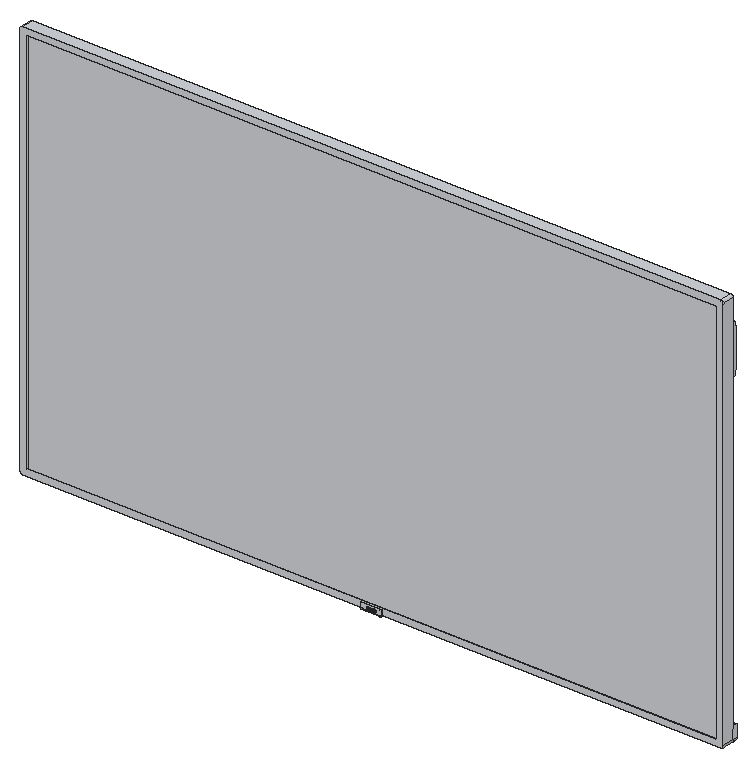
Revit family "C751Q (FINAL)", category Generic Models, Revit 2012
Parameters
  URL = "www.necdisplay.com"
  SENSORS- Temperature Sensor = "Integrated and programmable; linked to cooling fans"
  SENSORS- NFC Sensor = "Integrated; works in conjunction with free NEC Intelligent Wireless Data Application"
  SENSORS- Human Sensor = "Optional through KT-RC2 Accessory"
  SENSORS- Ambient Light Sensor = "Integrated and programmable"
  POWER CONSUMPTION- Speaker Rating = "Integrated 10W x 10W, Optional 15W x 2"
  POWER CONSUMPTION- On (Typ/Max Bightness/Overall Max) = "195W / 250W / 375W"
  POWER CONSUMPTION- Normal Standby = "0.5W"
  POWER CONSUMPTION- Network Standby = "2W"
  POWER CONSUMPTION- Current Rating = "4.4A @ 100V, 1.9A @ 240V"
  PHYSICAL SPECS- Vesa Hole Configuration = "8x M8 x 16mm (600 x 400, 400 x 400)"
  PHYSICAL SPECS- Net Weight (w/o Stand) = "115.7 lbs / 52.6 kg"
  PHYSICAL SPECS- Net Dimensions (w/o Stand, WxHxD) = "66.2 x 37.8 x 2.8 in. (1681.2 x 959.6 x 71.1 mm)"
  PHYSICAL SPECS- Bezel Width (L/R, T/B) = "1480.0mm / 1480.0mm/ 1480.0mm/ 1480.0mm"
  Model = "C751Q"  # constant formula
  Manufacturer = "NEC Display Solutions"  # constant formula
  LCD MODULE- Contrast Ratio (Typical) = "1200:1 native, not included localized dimming"
  LCD MODULE- Viewing Angle = "178deg Vert., 178deg Hor (89U/89D/89L/89R) @ CR>10"
  LCD MODULE- Viewable Image Size = "75\""
  LCD MODULE- Panel Technology = "E-LED, S-IPS"
  LCD MODULE- Orientation = "Landscape and Portrait"
  LCD MODULE- Panel Haze (%) = "28"
  LCD MODULE- Native Resolution = "3840 x 2160"
  LCD MODULE- Displayable Colors = "Over 1.07 Billion"
  LCD MODULE- Brightness (Typical/Minimum) = "245 cd/sqm / 350 cd/sqm"
  LCD MODULE- Aspect Ratio = "16 : 9"
  ENVIRONMENTAL CONDITIONS- Operating Temperature = "0 to 40 C"
  ENVIRONMENTAL CONDITIONS- Operating Humidity = "20 - 80%"
  ENVIRONMENTAL CONDITIONS- Operating Altitude = "3000m (9843ft)"
  Description = "NEC Ultra High Definition Large Format Display"  # constant formula
  CONNECTIVITY- Output Terminals- External Control = "LAN (100mb)"
  CONNECTIVITY- Output Terminals- Digital = "HDMI 2.0x3 (with HDCP), DisplayPort 1.2x2 (with HDCP)"
  CONNECTIVITY- Output Terminals- Audio = "3.5mm Mini Jack, HDMI Audio x3, DisplayPort Audio x2"
  CONNECTIVITY- Input Terminals- External Control = "LAN (100Mbit), 3.5 Mini Jack IR Remote, RS232C"
  CONNECTIVITY- Input Terminals- Digital = "HDMI 2.0 x2 (with HDCP), DVI-D (with HDCP), DisplayPort x2 (with HDCP)"
  CONNECTIVITY- Input Terminals- Data = "microSD (Media Player), USB 2.0 (Media Player), USB 2.0 (Service), USB Type-B (Upstream), USB 2.0 x2 (Compute Module, USB CM1 is Powered 5V/2A)"
  CONNECTIVITY- Input Terminals- Audio = "3.5mm Audio Mini Jack x2, DisplayPort Audio x2, HDMI Audio x3"
  CONNECTIVITY- Input Terminals- Analog = "none"
Reference planes
  plane 1 "Center (Front/Back)": y = 0
  plane 2: z = 0
  plane 3 "Center (Left/Right)": x = 0
  plane 4: x = 825.8
  plane 5: z = 944.803
  plane 6: z = 959.6
  plane 7: x = -825.8
  plane 8: x = 840.6
  plane 9: x = -840.6
  plane 10: z = 902.39
  plane 11: x = 800.93
  plane 12: x = -800.93
  plane 13: z = 902.39
  plane 14: x = 745.99
  plane 15: z = 7.62
  plane 16: x = -745.99
  plane 17: z = 7.62
  plane 18: z = 7.62
Forms (mm)
  Extrusion 1, solid
    sketch origin (0, 0, 0) x (1, 0, 0) y (0, 0, 1)
      loop
        line (-840.6, 953.25) -> (-840.6, 6.35)
        arc (-840.6, 6.35) -> (-838.74, 1.86) -> (-834.25, 0) r 6.35
        line (-834.25, 0) -> (834.25, 0)
        arc (834.25, 0) -> (838.74, 1.86) -> (840.6, 6.35) r 6.35
        line (840.6, 6.35) -> (840.6, 953.25)
        arc (840.6, 953.25) -> (838.74, 957.74) -> (834.25, 959.6) r 6.35
        line (834.25, 959.6) -> (-834.25, 959.6)
        arc (-834.25, 959.6) -> (-838.74, 957.74) -> (-840.6, 953.25) r 6.35
    from 52.5 to 82.8
  Extrusion 2, void
    sketch origin (0, 0, 0) x (1, 0, 0) y (0, 0, 1)
      loop
        line (-825.8, 14.8) -> (825.8, 14.8) -> (825.8, 944.803) -> (-825.8, 944.803) -> (-825.8, 14.8)
    from 79.882 to 113.336
  Extrusion 3, void
    sketch origin (0, -52.5, 0) x (1, 0, 0) y (0, 0, 1)
      loop
        circle (98.517, 260.526) r 4.65
      loop
        circle (-98.993, 260.526) r 4.65
      loop
        circle (-129.792, 466.837) r 4.65
      loop
        circle (129.317, 466.837) r 4.65
    from 0 to 20.692
  Blend 4, solid
    base sketch origin (0, -30.85, 616.982) x (0, 0, 1) y (1, 0, 0)
      loop
        arc (275.505, 669.037) -> (268.066, 686.997) -> (250.105, 694.437) r 25.4
        line (250.105, 694.437) -> (-461.518, 694.437)
        arc (-461.518, 694.437) -> (-479.479, 686.997) -> (-486.918, 669.037) r 25.4
        line (-486.918, 669.037) -> (-486.918, -669.037)
        arc (-486.918, -669.037) -> (-479.479, -686.997) -> (-461.518, -694.437) r 25.4
        line (-461.518, -694.437) -> (250.105, -694.437)
        arc (250.105, -694.437) -> (268.066, -686.997) -> (275.505, -669.037) r 25.4
        line (275.505, -669.037) -> (275.505, 669.037)
    top sketch origin (0, -30.85, 616.982) x (0, 0, 1) y (1, 0, 0)
      loop
        arc (175.973, 567.726) -> (172.253, 576.706) -> (163.273, 580.426) r 12.7
        line (163.273, 580.426) -> (-360.207, 580.426)
        arc (-360.207, 580.426) -> (-369.188, 576.706) -> (-372.907, 567.726) r 12.7
        line (-372.907, 567.726) -> (-372.907, -567.726)
        arc (-372.907, -567.726) -> (-369.188, -576.706) -> (-360.207, -580.426) r 12.7
        line (-360.207, -580.426) -> (163.273, -580.426)
        arc (163.273, -580.426) -> (172.253, -576.706) -> (175.973, -567.726) r 12.7
        line (175.973, -567.726) -> (175.973, 567.726)
    from -21.65 to 19.2
  Extrusion 5, solid
    sketch origin (0.56, -30.85, 616.982) x (0, 0, 1) y (1, 0, 0)
      loop
        spline (-533.312, 704.431) -> (-533.346, 704.953) -> (-533.448, 705.466) -> (-533.616, 705.961) -> (-533.848, 706.43) -> (-534.138, 706.865) -> (-534.483, 707.259) -> (-534.876, 707.604) -> (-535.311, 707.894) -> (-535.781, 708.126) -> (-536.276, 708.294) -> (-536.789, 708.396) -> (-537.311, 708.43)
        line (-537.311, 708.43) -> (-551.312, 708.43)
        spline (-551.312, 708.43) -> (-551.834, 708.396) -> (-552.348, 708.294) -> (-552.843, 708.126) -> (-553.312, 707.894) -> (-553.747, 707.604) -> (-554.14, 707.259) -> (-554.485, 706.865) -> (-554.776, 706.43) -> (-555.007, 705.961) -> (-555.175, 705.466) -> (-555.278, 704.953) -> (-555.312, 704.431)
        line (-555.312, 704.431) -> (-555.312, 542.429)
        spline (-555.312, 542.429) -> (-555.278, 541.907) -> (-555.175, 541.394) -> (-555.007, 540.899) -> (-554.776, 540.43) -> (-554.485, 539.995) -> (-554.14, 539.601) -> (-553.747, 539.256) -> (-553.312, 538.966) -> (-552.843, 538.734) -> (-552.348, 538.566) -> (-551.834, 538.464) -> (-551.312, 538.43)
        line (-551.312, 538.43) -> (-537.311, 538.43)
        spline (-537.311, 538.43) -> (-536.789, 538.464) -> (-536.276, 538.566) -> (-535.781, 538.734) -> (-535.311, 538.966) -> (-534.876, 539.256) -> (-534.483, 539.601) -> (-534.138, 539.995) -> (-533.848, 540.43) -> (-533.616, 540.899) -> (-533.448, 541.394) -> (-533.346, 541.907) -> (-533.312, 542.429)
        line (-533.312, 542.429) -> (-533.312, 704.431)
    from -21.65 to 37.2
  Extrusion 6, void
    sketch origin (0.56, 0, 0) x (1, 0, 0) y (0, 1, 0)
      loop
        line (576.137, -10.588) -> (670.723, -10.588)
        arc (670.723, -10.588) -> (682.054, -14.324) -> (688.941, -24.067) r 19.05
        line (688.941, -24.067) -> (696.925, -50.178) -> (714.756, -50.178) -> (714.756, 13.168) -> (530.606, 13.168) -> (530.606, -49.86) -> (550.033, -49.86) -> (557.919, -24.067)
        arc (557.919, -24.067) -> (564.805, -14.324) -> (576.137, -10.588) r 19.05
      loop
        arc (575, -18.588) -> (568.345, -21.26) -> (565.385, -27.792) r 9.624
        line (565.385, -27.792) -> (564.306, -52.5) -> (682.554, -52.5) -> (681.474, -27.773)
        arc (681.474, -27.773) -> (678.521, -21.254) -> (671.879, -18.588) r 9.604
        line (671.879, -18.588) -> (575, -18.588)
    from 52.047 to 91.346
  Extrusion 7, solid
    sketch origin (0, -30.85, 616.982) x (0, 0, 1) y (1, 0, 0)
      loop
        line (-616.982, 834.25) -> (-616.982, -834.25)
        arc (-616.982, -834.25) -> (-615.122, -838.74) -> (-610.632, -840.6) r 6.35
        line (-610.632, -840.6) -> (-580.582, -840.6) -> (-580.582, 840.6) -> (-610.632, 840.6)
        arc (-610.632, 840.6) -> (-615.122, 838.74) -> (-616.982, 834.25) r 6.35
    from -21.65 to -12.238
  Extrusion 8, solid
    sketch origin (0, 0, 0) x (0, 1, 0) y (0, 0, 1)
      loop
        line (-40.488, 7.62) -> (0, 7.62) -> (0, 139.12) -> (-50.488, 139.12) -> (-50.488, 41.42) -> (-40.488, 41.42) -> (-40.488, 7.62)
    from 733.99 to 757.99
  Extrusion 9, solid
    sketch origin (0, -30.85, 616.982) x (0, 0, 1) y (1, 0, 0)
      loop
        line (-493.862, 759.09) -> (-493.862, 758.09) -> (-477.362, 758.09) -> (-477.362, 733.89) -> (-493.862, 733.89) -> (-493.862, 732.89) -> (-477.366, 732.89)
        arc (-477.366, 732.89) -> (-476.656, 733.181) -> (-476.362, 733.89) r 1
        line (-476.362, 733.89) -> (-476.362, 758.09)
        arc (-476.362, 758.09) -> (-476.655, 758.797) -> (-477.362, 759.09) r 1
        line (-477.362, 759.09) -> (-493.862, 759.09)
    from -17.663 to 29.362
  Extrusion 10, solid
    sketch origin (0, -30.85, 616.982) x (0, 0, 1) y (1, 0, 0)
      loop
        line (-479.868, 772.29) -> (-554.068, 772.29)
        arc (-554.068, 772.29) -> (-555.475, 771.705) -> (-556.062, 770.297) r 2
        line (-556.062, 770.297) -> (-556.062, 757.99) -> (-477.862, 757.99) -> (-477.862, 770.294)
        arc (-477.862, 770.294) -> (-478.451, 771.708) -> (-479.868, 772.29) r 2
      loop
        line (-556.062, 733.99) -> (-556.062, 721.682)
        arc (-556.062, 721.682) -> (-555.47, 720.27) -> (-554.052, 719.69) r 2
        line (-554.052, 719.69) -> (-479.872, 719.69)
        arc (-479.872, 719.69) -> (-478.452, 720.271) -> (-477.862, 721.686) r 2
        line (-477.862, 721.686) -> (-477.862, 733.99) -> (-556.062, 733.99)
    from -21.65 to -19.328
  Blend 11, solid
    base sketch origin (0, -30.85, 616.982) x (0, 0, 1) y (1, 0, 0)
      loop
        line (-506.303, 247.422) -> (-506.303, 481.178)
        arc (-506.303, 481.178) -> (-510.023, 490.159) -> (-519.003, 493.878) r 12.7
        line (-519.003, 493.878) -> (-566.56, 493.878)
        arc (-566.56, 493.878) -> (-575.54, 490.159) -> (-579.26, 481.178) r 12.7
        line (-579.26, 481.178) -> (-579.26, 247.422)
        arc (-579.26, 247.422) -> (-575.54, 238.441) -> (-566.56, 234.722) r 12.7
        line (-566.56, 234.722) -> (-519.003, 234.722)
        arc (-519.003, 234.722) -> (-510.023, 238.441) -> (-506.303, 247.422) r 12.7
    top sketch origin (0, -30.85, 616.982) x (0, 0, 1) y (1, 0, 0)
      loop
        arc (-515.696, 480.9) -> (-516.749, 483.439) -> (-519.291, 484.486) r 3.586
        line (-519.291, 484.486) -> (-566.291, 484.486)
        arc (-566.291, 484.486) -> (-568.82, 483.432) -> (-569.868, 480.9) r 3.586
        line (-569.868, 480.9) -> (-569.868, 247.7)
        arc (-569.868, 247.7) -> (-568.82, 245.167) -> (-566.289, 244.114) r 3.586
        line (-566.289, 244.114) -> (-519.289, 244.114)
        arc (-519.289, 244.114) -> (-516.749, 245.162) -> (-515.696, 247.7) r 3.586
        line (-515.696, 247.7) -> (-515.696, 480.9)
    from -21.65 to -17.538
  Extrusion 12, void
    sketch origin (0, -48.388, 616.982) x (0, 0, -1) y (1, 0, 0)
      loop
        line (535.072, 454.142) -> (535.072, 370.429)
        arc (535.072, 370.429) -> (536.632, 366.661) -> (540.4, 365.1) r 5.329
        line (540.4, 365.1) -> (552.514, 365.1)
        arc (552.514, 365.1) -> (556.302, 366.669) -> (557.872, 370.458) r 5.358
        line (557.872, 370.458) -> (557.872, 454.142)
        arc (557.872, 454.142) -> (556.302, 457.931) -> (552.514, 459.5) r 5.358
        line (552.514, 459.5) -> (540.43, 459.5)
        arc (540.43, 459.5) -> (536.641, 457.931) -> (535.072, 454.142) r 5.358
    from 8.405 to -9.36
  Extrusion 13, solid
    sketch origin (0, -30.85, 616.982) x (0, 0, 1) y (1, 0, 0)
      loop
        circle (-546.072, 447.3) r 3.007
      loop
        circle (-546.072, 437.3) r 3.007
      loop
        circle (-546.072, 427.3) r 2.988
      loop
        circle (-546.072, 417.3) r 3.007
      loop
        circle (-546.072, 407.3) r 3.007
      loop
        circle (-546.072, 397.3) r 3.007
      loop
        circle (-546.072, 387.3) r 3.007
      loop
        circle (-546.072, 377.3) r 3.007
    from -25.943 to -21.65
  Extrusion 14, void
    sketch origin (0, -11.65, 616.982) x (0, 0, -1) y (1, 0, 0)
      loop
        circle (-62.818, 250) r 9.061
      loop
        circle (337.182, 250) r 9.061
      loop
        circle (337.182, -250) r 9.061
      loop
        circle (-62.818, -250) r 9.061
    from 19.092 to -9.003
  Extrusion 15, void
    sketch origin (0, -11.65, 616.982) x (0, 0, -1) y (1, 0, 0)
      loop
        line (87.181, 160) -> (7.182, 160) -> (7.182, 135.347)
        arc (7.182, 135.347) -> (9.14, 126.238) -> (14.666, 118.736) r 22.179
        line (14.666, 118.736) -> (66.585, 72.804) -> (7.183, 72.801) -> (7.182, 57.602) -> (87.181, 57.605) -> (87.181, 83.318)
        arc (87.181, 83.318) -> (85.068, 93.154) -> (79.102, 101.254) r 23.949
        line (79.102, 101.254) -> (29.882, 144.803) -> (87.181, 144.803) -> (87.181, 160)
      loop
        line (7.176, 44.324) -> (7.184, -50.238) -> (18.547, -50.238) -> (18.547, 11.044) -> (39.024, 11.044) -> (39.024, -44.639) -> (50.261, -44.639) -> (50.261, 11.044) -> (66.271, 11.043)
        arc (66.271, 11.043) -> (72.686, 8.386) -> (75.343, 1.972) r 9.071
        line (75.343, 1.972) -> (75.343, -51.038) -> (87.18, -51.038)
        arc (87.18, -51.038) -> (87.854, -20.076) -> (87.18, 10.886) r 711.698
        arc (87.18, 10.886) -> (86.368, 20.715) -> (84.794, 30.45) r 126.705
        arc (84.794, 30.45) -> (78.793, 40.413) -> (67.839, 44.324) r 17.297
        line (67.839, 44.324) -> (7.176, 44.324)
      loop
        line (6.274, -158.561) -> (17.847, -158.561)
        arc (17.847, -158.561) -> (14.707, -133.161) -> (17.847, -107.761) r 104.326
        arc (17.847, -107.761) -> (21.385, -100.831) -> (27.596, -96.143) r 17.356
        arc (27.596, -96.143) -> (47.876, -92.515) -> (67.497, -98.797) r 42.735
        arc (67.497, -98.797) -> (72.126, -103.307) -> (74.781, -109.2) r 17.329
        arc (74.781, -109.2) -> (77.788, -134.6) -> (74.781, -160) r 108.774
        line (74.781, -160) -> (87.688, -160)
        arc (87.688, -160) -> (90.325, -128.25) -> (87.688, -96.5) r 192.504
        arc (87.688, -96.5) -> (85.13, -86.108) -> (81.032, -76.221) r 70.717
        arc (81.032, -76.221) -> (50.091, -55.453) -> (16.231, -71.016) r 38.1
        arc (16.231, -71.016) -> (9.825, -82.447) -> (6.274, -95.061) r 55.568
        arc (6.274, -95.061) -> (3.789, -126.811) -> (6.274, -158.561) r 204.062
      loop
        line (64.716, 511.9) -> (64.716, 374.9)
        arc (64.716, 374.9) -> (67.986, 367.005) -> (75.882, 363.734) r 11.166
        line (75.882, 363.734) -> (209.382, 363.734)
        arc (209.382, 363.734) -> (217.277, 367.005) -> (220.547, 374.9) r 11.166
        line (220.547, 374.9) -> (220.547, 511.9)
        arc (220.547, 511.9) -> (217.277, 519.795) -> (209.382, 523.066) r 11.166
        line (209.382, 523.066) -> (75.882, 523.066)
        arc (75.882, 523.066) -> (67.986, 519.795) -> (64.716, 511.9) r 11.166
      loop
        line (220.816, 153.995) -> (220.816, 0.995)
        arc (220.816, 0.995) -> (222.507, -3.079) -> (226.582, -4.766) r 5.766
        line (226.582, -4.766) -> (332.582, -4.766)
        arc (332.582, -4.766) -> (336.659, -3.077) -> (338.347, 1) r 5.766
        line (338.347, 1) -> (338.347, 154)
        arc (338.347, 154) -> (336.659, 158.077) -> (332.582, 159.766) r 5.766
        line (332.582, 159.766) -> (226.582, 159.766)
        arc (226.582, 159.766) -> (222.503, 158.075) -> (220.816, 153.995) r 5.766
      loop
        line (147.182, -462.4) -> (147.182, -572.4) -> (297.182, -572.4) -> (297.182, -462.4) -> (147.182, -462.4)
      loop
        line (53.182, -517.4) -> (53.182, -572.4) -> (71.182, -572.4) -> (71.182, -517.4) -> (53.182, -517.4)
      loop
        line (81.182, -532.4) -> (81.182, -572.4) -> (103.182, -572.4) -> (103.182, -532.4) -> (81.182, -532.4)
      loop
        line (113.182, -523.4) -> (113.182, -572.4) -> (137.182, -572.4) -> (137.182, -523.4) -> (113.182, -523.4)
    from 0.816 to -6.572
  Extrusion 16, void
    sketch origin (0, -11.65, 616.982) x (0, 0, -1) y (1, 0, 0)
      loop
        line (56.232, 574.7) -> (324.032, 574.7) -> (324.032, 711.5) -> (56.232, 711.5) -> (56.232, 574.7)
    from 40.85 to -11.65
  Extrusion 17, solid
    sketch origin (0, -30.85, 606.428) x (0, 0, 1) y (1, 0, 0)
      loop
        line (291.962, 811.93) -> (129.445, 811.93)
        spline (129.445, 811.93) -> (128.923, 811.896) -> (128.41, 811.794) -> (127.915, 811.626) -> (127.446, 811.394) -> (127.011, 811.104) -> (126.617, 810.759) -> (126.272, 810.365) -> (125.982, 809.93) -> (125.75, 809.461) -> (125.582, 808.966) -> (125.48, 808.453) -> (125.446, 807.931)
        line (125.446, 807.931) -> (125.446, 793.929)
        spline (125.446, 793.929) -> (125.48, 793.407) -> (125.582, 792.894) -> (125.75, 792.399) -> (125.982, 791.93) -> (126.272, 791.495) -> (126.617, 791.101) -> (127.011, 790.756) -> (127.446, 790.466) -> (127.915, 790.234) -> (128.41, 790.066) -> (128.923, 789.964) -> (129.445, 789.93)
        line (129.445, 789.93) -> (291.962, 789.93)
        spline (291.962, 789.93) -> (292.485, 789.964) -> (292.998, 790.066) -> (293.493, 790.234) -> (293.962, 790.466) -> (294.397, 790.756) -> (294.791, 791.101) -> (295.135, 791.495) -> (295.426, 791.93) -> (295.657, 792.399) -> (295.826, 792.894) -> (295.928, 793.407) -> (295.962, 793.929)
        line (295.962, 793.929) -> (295.962, 807.931)
        spline (295.962, 807.931) -> (295.928, 808.453) -> (295.826, 808.966) -> (295.657, 809.461) -> (295.426, 809.93) -> (295.135, 810.365) -> (294.791, 810.759) -> (294.397, 811.104) -> (293.962, 811.394) -> (293.493, 811.626) -> (292.998, 811.794) -> (292.485, 811.896) -> (291.962, 811.93)
    from -21.65 to 25.85
  Extrusion 18, void
    sketch origin (811.93, -5, 898.391) x (0, 1, 0) y (0, 0, -1)
      loop
        line (-5.588, 128.294) -> (-5.588, 32.82)
        arc (-5.588, 32.82) -> (-9.09, 22.2) -> (-18.224, 15.748) r 17.851
        line (-18.224, 15.748) -> (-44.488, 7.717) -> (-44.488, -7.283) -> (9.976, -7.283) -> (9.976, 184.284) -> (-44.488, 184.284) -> (-44.488, 154.284) -> (-19.067, 146.511)
        arc (-19.067, 146.511) -> (-9.324, 139.625) -> (-5.588, 128.294) r 19.05
      loop
        line (-47.5, 21.877) -> (-23.08, 22.943)
        arc (-23.08, 22.943) -> (-16.344, 25.993) -> (-13.588, 32.855) r 9.922
        line (-13.588, 32.855) -> (-13.588, 129.136)
        arc (-13.588, 129.136) -> (-16.345, 136.004) -> (-23.087, 139.059) r 9.932
        line (-23.087, 139.059) -> (-47.5, 140.124) -> (-47.5, 21.877)
    from 0 to 22
  Extrusion 19, solid
    sketch origin (0, -30.85, 606.428) x (0, 0, 1) y (1, 0, 0)
      loop
        spline (291.962, -811.93) -> (292.485, -811.896) -> (292.998, -811.794) -> (293.493, -811.626) -> (293.962, -811.394) -> (294.397, -811.104) -> (294.791, -810.759) -> (295.135, -810.365) -> (295.426, -809.93) -> (295.657, -809.461) -> (295.826, -808.966) -> (295.928, -808.453) -> (295.962, -807.931)
        line (295.962, -807.931) -> (295.962, -793.929)
        spline (295.962, -793.929) -> (295.928, -793.407) -> (295.826, -792.894) -> (295.657, -792.399) -> (295.426, -791.93) -> (295.135, -791.495) -> (294.791, -791.101) -> (294.397, -790.756) -> (293.962, -790.466) -> (293.493, -790.234) -> (292.998, -790.066) -> (292.485, -789.964) -> (291.962, -789.93)
        line (291.962, -789.93) -> (129.445, -789.93)
        spline (129.445, -789.93) -> (128.923, -789.964) -> (128.41, -790.066) -> (127.915, -790.234) -> (127.446, -790.466) -> (127.011, -790.756) -> (126.617, -791.101) -> (126.272, -791.495) -> (125.982, -791.93) -> (125.75, -792.399) -> (125.582, -792.894) -> (125.48, -793.407) -> (125.446, -793.929)
        line (125.446, -793.929) -> (125.446, -807.931)
        spline (125.446, -807.931) -> (125.48, -808.453) -> (125.582, -808.966) -> (125.75, -809.461) -> (125.982, -809.93) -> (126.272, -810.365) -> (126.617, -810.759) -> (127.011, -811.104) -> (127.446, -811.394) -> (127.915, -811.626) -> (128.41, -811.794) -> (128.923, -811.896) -> (129.445, -811.93)
        line (129.445, -811.93) -> (291.962, -811.93)
    from -21.65 to 25.85
  Extrusion 20, void
    sketch origin (-811.93, -5, 735.873) x (0, 1, 0) y (0, 0, 1)
      loop
        arc (-5.588, 34.223) -> (-9.324, 22.892) -> (-19.067, 16.006) r 19.05
        line (-19.067, 16.006) -> (-44.488, 8.233) -> (-44.488, -21.767) -> (9.976, -21.767) -> (9.976, 169.8) -> (-44.488, 169.8) -> (-44.488, 154.8) -> (-18.224, 146.769)
        arc (-18.224, 146.769) -> (-9.09, 140.317) -> (-5.588, 129.697) r 17.851
        line (-5.588, 129.697) -> (-5.588, 34.223)
      loop
        line (-47.5, 140.64) -> (-47.5, 22.393) -> (-23.087, 23.459)
        arc (-23.087, 23.459) -> (-16.345, 26.513) -> (-13.588, 33.382) r 9.932
        line (-13.588, 33.382) -> (-13.588, 129.662)
        arc (-13.588, 129.662) -> (-16.344, 136.524) -> (-23.08, 139.574) r 9.922
        line (-23.08, 139.574) -> (-47.5, 140.64)
    from 0 to 22
  Extrusion 21, solid
    sketch origin (-0.023, 0, 0) x (1, 0, 0) y (0, 0, 1)
      loop
        line (-9.961, 2.001) -> (-9.007, 2.001) -> (-9.007, 5.547) -> (-6.275, 2.5)
        arc (-6.275, 2.5) -> (-5.769, 2.131) -> (-5.157, 2.001) r 1.502
        line (-5.157, 2.001) -> (-3.574, 2.001) -> (-3.574, 7) -> (-4.532, 7) -> (-4.532, 3.338) -> (-7.319, 6.429)
        arc (-7.319, 6.429) -> (-7.901, 6.851) -> (-8.603, 7) r 1.729
        line (-8.603, 7) -> (-9.961, 7) -> (-9.961, 2.001)
      loop
        line (-2.725, 7) -> (-2.725, 3.297)
        arc (-2.725, 3.297) -> (-2.326, 2.335) -> (-1.364, 1.937) r 1.36
        line (-1.364, 1.937) -> (3.249, 1.937) -> (3.249, 2.748) -> (-0.098, 2.748)
        arc (-0.098, 2.748) -> (-0.481, 2.907) -> (-0.64, 3.29) r 0.542
        line (-0.64, 3.29) -> (-0.64, 4.175) -> (2.839, 4.175) -> (2.839, 5.016) -> (-0.64, 5.016) -> (-0.64, 6.16) -> (3.178, 6.16) -> (3.178, 7) -> (-2.725, 7)
      loop
        arc (9.964, 7) -> (7.934, 7.2) -> (5.904, 7) r 10.398
        arc (5.904, 7) -> (5.347, 6.84) -> (4.824, 6.59) r 3.487
        arc (4.824, 6.59) -> (3.614, 4.234) -> (5.238, 2.141) r 2.465
        arc (5.238, 2.141) -> (5.626, 2.03) -> (6.025, 1.968) r 3.176
        arc (6.025, 1.968) -> (8.03, 1.836) -> (10.035, 1.968) r 15.265
        line (10.035, 1.968) -> (10.035, 2.882)
        arc (10.035, 2.882) -> (8.597, 2.624) -> (7.141, 2.747) r 5.618
        arc (7.141, 2.747) -> (5.683, 4.48) -> (6.989, 6.33) r 1.854
        arc (6.989, 6.33) -> (8.494, 6.507) -> (9.964, 6.138) r 4.19
        line (9.964, 6.138) -> (9.964, 7)
    from 83.703 to 83.988
  Extrusion 22, solid
    sketch origin (-0.023, 0, 0) x (0, 1, 0) y (0, 0, 1)
      loop
        arc (-83.703, -1.561) -> (-83.479, -2.102) -> (-82.938, -2.326) r 0.765
        line (-82.938, -2.326) -> (-56.991, -2.326) -> (-56.788, 0) -> (-82.901, 0) -> (-82.901, 11.557) -> (-83.703, 11.515) -> (-83.703, -1.561)
    from -24.915 to 24.96
  Extrusion 23, solid
    sketch origin (-0.56, -30.85, 616.982) x (0, 0, 1) y (1, 0, 0)
      loop
        line (-533.312, -704.431) -> (-533.312, -542.429)
        spline (-533.312, -542.429) -> (-533.346, -541.907) -> (-533.448, -541.394) -> (-533.616, -540.899) -> (-533.848, -540.43) -> (-534.138, -539.995) -> (-534.483, -539.601) -> (-534.876, -539.256) -> (-535.311, -538.966) -> (-535.781, -538.734) -> (-536.276, -538.566) -> (-536.789, -538.464) -> (-537.311, -538.43)
        line (-537.311, -538.43) -> (-551.312, -538.43)
        spline (-551.312, -538.43) -> (-551.834, -538.464) -> (-552.348, -538.566) -> (-552.843, -538.734) -> (-553.312, -538.966) -> (-553.747, -539.256) -> (-554.14, -539.601) -> (-554.485, -539.995) -> (-554.776, -540.43) -> (-555.007, -540.899) -> (-555.175, -541.394) -> (-555.278, -541.907) -> (-555.312, -542.429)
        line (-555.312, -542.429) -> (-555.312, -704.431)
        spline (-555.312, -704.431) -> (-555.278, -704.953) -> (-555.175, -705.466) -> (-555.007, -705.961) -> (-554.776, -706.43) -> (-554.485, -706.865) -> (-554.14, -707.259) -> (-553.747, -707.604) -> (-553.312, -707.894) -> (-552.843, -708.126) -> (-552.348, -708.294) -> (-551.834, -708.396) -> (-551.312, -708.43)
        line (-551.312, -708.43) -> (-537.311, -708.43)
        spline (-537.311, -708.43) -> (-536.789, -708.396) -> (-536.276, -708.294) -> (-535.781, -708.126) -> (-535.311, -707.894) -> (-534.876, -707.604) -> (-534.483, -707.259) -> (-534.138, -706.865) -> (-533.848, -706.43) -> (-533.616, -705.961) -> (-533.448, -705.466) -> (-533.346, -704.953) -> (-533.312, -704.431)
    from -21.65 to 37.2
  Extrusion 24, void
    sketch origin (-0.56, 0, 0) x (-1, 0, 0) y (0, -1, 0)
      loop
        arc (576.137, 10.588) -> (564.805, 14.324) -> (557.919, 24.067) r 19.05
        line (557.919, 24.067) -> (550.033, 49.86) -> (530.606, 49.86) -> (530.606, -13.168) -> (714.756, -13.168) -> (714.756, 50.178) -> (696.925, 50.178) -> (688.941, 24.067)
        arc (688.941, 24.067) -> (682.054, 14.324) -> (670.723, 10.588) r 19.05
        line (670.723, 10.588) -> (576.137, 10.588)
      loop
        line (575, 18.588) -> (671.879, 18.588)
        arc (671.879, 18.588) -> (678.521, 21.254) -> (681.474, 27.773) r 9.604
        line (681.474, 27.773) -> (682.554, 52.5) -> (564.306, 52.5) -> (565.385, 27.792)
        arc (565.385, 27.792) -> (568.345, 21.26) -> (575, 18.588) r 9.624
    from 52.047 to 91.346
  Extrusion 25, solid
    sketch origin (0, 0, 0) x (0, 1, 0) y (0, 0, -1)
      loop
        line (-40.488, -7.62) -> (-40.488, -41.42) -> (-50.488, -41.42) -> (-50.488, -139.12) -> (0, -139.12) -> (0, -7.62) -> (-40.488, -7.62)
    from 733.99 to 757.99
  Extrusion 26, solid
    sketch origin (0, -30.85, 616.982) x (0, 0, 1) y (1, 0, 0)
      loop
        line (-493.862, -759.09) -> (-477.362, -759.09)
        arc (-477.362, -759.09) -> (-476.655, -758.797) -> (-476.362, -758.09) r 1
        line (-476.362, -758.09) -> (-476.362, -733.89)
        arc (-476.362, -733.89) -> (-476.656, -733.181) -> (-477.366, -732.89) r 1
        line (-477.366, -732.89) -> (-493.862, -732.89) -> (-493.862, -733.89) -> (-477.362, -733.89) -> (-477.362, -758.09) -> (-493.862, -758.09) -> (-493.862, -759.09)
    from -17.663 to 29.362
  Extrusion 27, solid
    sketch origin (0, -30.85, 616.982) x (0, 0, 1) y (1, 0, 0)
      loop
        arc (-479.868, -772.29) -> (-478.451, -771.708) -> (-477.862, -770.294) r 2
        line (-477.862, -770.294) -> (-477.862, -757.99) -> (-556.062, -757.99) -> (-556.062, -770.297)
        arc (-556.062, -770.297) -> (-555.475, -771.705) -> (-554.068, -772.29) r 2
        line (-554.068, -772.29) -> (-479.868, -772.29)
      loop
        line (-556.062, -733.99) -> (-477.862, -733.99) -> (-477.862, -721.686)
        arc (-477.862, -721.686) -> (-478.452, -720.271) -> (-479.872, -719.69) r 2
        line (-479.872, -719.69) -> (-554.052, -719.69)
        arc (-554.052, -719.69) -> (-555.47, -720.27) -> (-556.062, -721.682) r 2
        line (-556.062, -721.682) -> (-556.062, -733.99)
    from -21.65 to -19.328
Cuts and joins
  Extrusion 2, Extrusion 3, Extrusion 6, Extrusion 12, Extrusion 14, Extrusion 15, Extrusion 16, Extrusion 20, Extrusion 24 cuts Extrusion 1
  Extrusion 6, Extrusion 14, Extrusion 15, Extrusion 16 cuts Blend 4
  Extrusion 6, Extrusion 24 cuts Extrusion 5
  Extrusion 12 cuts Blend 11
  Extrusion 18 cuts Extrusion 17
  Extrusion 20 cuts Extrusion 19
  Extrusion 24 cuts Extrusion 23
Dimensions and locks
  cut or joined group 1 (Extrusion 1, Extrusion 2, Extrusion 3, Extrusion 6, Extrusion 12, Extrusion 14, Extrusion 15, Extrusion 16, Extrusion 20, Extrusion 24) to cut or joined group 1 = 1681.20 mm  (x2)
  level to cut or joined group 1 = 959.60 mm
  aligned and locked: plane 2 to level
  aligned and locked: Extrusion 1 sketch curve to level
  aligned and locked: Extrusion 2 sketch curve to plane 4
  aligned and locked: plane 7 to Extrusion 2 sketch curve
  aligned and locked: Extrusion 2 sketch curve to plane 5
  aligned and locked: Extrusion 1 sketch curve to plane 6
  aligned and locked: plane 8 to Extrusion 1 sketch curve
  aligned and locked: Extrusion 1 sketch curve to plane 9
  aligned and locked: cut or joined group 1 to Extrusion 7
  aligned and locked: Extrusion 7 to cut or joined group 1
